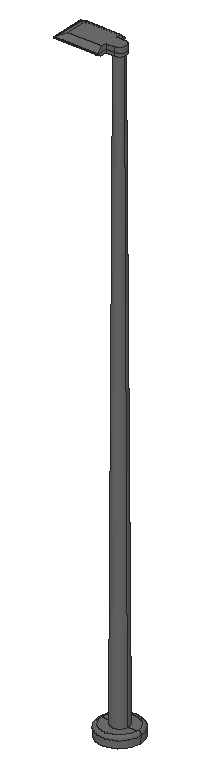
Revit family "99556_HOST_GND", category Lighting Fixtures, host Floor, Revit 2012
Parameters (values of type "Pole-Top Luminaires")
  Wattage = 37.1612 W
  built-in parameter 1150110 = 1 (stored number, unit not read)
  URL = "www.bega-us.com"
  built-in parameter 1114217 = 1 (stored number, unit not read)
  Tilt Angle = 90.00°
  built-in parameter 1150109 = 1 (stored number, unit not read)
  built-in parameter 1150134 = 12
  Telephone = "805.684.0533"
  built-in parameter 1150113 = 1 (stored number, unit not read)
  Photometric Web File = "99556.IES"
  Model = "99556"
  Manufacturer = "BEGA-US"
  built-in parameter 1150105 = 439.27 (stored number, unit not read)
  Lumens = 5520 lm
  built-in parameter 1150115 = 1 (stored number, unit not read)
  built-in parameter 1150137 = (empty or 0)
  built-in parameter 1150139 = (empty or 0)
  built-in parameter 1150112 = 1 (stored number, unit not read)
  built-in parameter 1150114 = 1 (stored number, unit not read)
  Lamp = "52W LED"
  built-in parameter 1150132 = 2
  built-in parameter 1150102 = (empty or 0)
  built-in parameter 1150107 = 4000 (stored number, unit not read)
  built-in parameter 1150138 = (empty or 0)
  built-in parameter 1150106 = 4.3927 (stored number, unit not read)
  built-in parameter 1150104 = 13.8 (stored number, unit not read)
  Dimming Lamp Color Temperature Shift = <None>
  Description = "LED pole-top luminaire"
  Color Filter = 16777215
  built-in parameter 1114218 = 1 (stored number, unit not read)
  built-in parameter 1150133 = 10 (stored number, unit not read)
Reference planes (in)
  plane 1 "Center (Front/Back)": y = 0
  plane 2: z = 0
  plane 3 "Center (Left/Right)": x = 0
Dimensions and locks (in)
  equal spacing: host sketch curve, plane 1 "Center (Front/Back)", host sketch curve
  equal spacing: host sketch curve, plane 3 "Center (Left/Right)", host sketch curve
  host sketch curve to host sketch curve = 10' - 0"  (x2)
  aligned and locked: level to plane 2
Nested families (in)
  nested 1: "9491LED" at (0, 0, 0), type "9491LED"
Connectors (in)
  electrical at (0, 0, 0)
    settings: on host floor, index 1, voltage 0 V, apparent load 0 VA, apparent load phase1 0 VA, apparent load phase2 0 VA, apparent load phase3 0 VA, power factor 1, load classification "Other", number of poles 1, system type 31, power factor state 1, is connector primary yes, connector utility no, sub classification motor no, connector description ""
Definition of nested family "9491LED"
  Reference planes (in)
    plane 1 "Center (Front/Back)": y = 0
    plane 2: z = 0
    plane 3 "Center (Left/Right)": x = 0
  Forms (in)
    Blend 1, solid, material "Default"
      base sketch origin (-2.5, 0, 180) x (1, 0, 0) y (0, 1, 0)
        loop
          line (0, 0) -> (0, 5) -> (-13, 5) -> (-13, -5) -> (0, -5) -> (0, 0)
      top sketch origin (-2.5, 0, 0) x (1, 0, 0) y (0, 1, 0)
        loop
          line (0, 3.5) -> (-9.875, 3.5) -> (-9.875, -3.5) -> (0, -3.5) -> (0, 3.5)
      from 0.875 to 182.375
    Extrusion 2, solid, material "Default"
      sketch origin (-2.5, 0, 180.875) x (1, 0, 0) y (0, 0, 1)
        loop
          line (-13, 0) -> (-13, -0.125) -> (0, -0.125) -> (0, 0) -> (-13, 0)
      from 5 to -5
    Extrusion 3, solid, material "Default"
      sketch origin (-2.5, 0, 180.75) x (1, 0, 0) y (0, 0, 1)
        loop
          line (-13, 0) -> (-13, -0.125) -> (0, -0.125) -> (0, 0) -> (-13, 0)
      from 5 to -5
    Blend 4, solid, material "Default"
      base sketch origin (-2.5, 0, 180.875) x (1, 0, 0) y (0, 1, 0)
        loop
          line (-13, 5) -> (-13, -5) -> (0, -5) -> (0, 5) -> (-13, 5)
      top sketch origin (-2.5, 0, 0) x (1, 0, 0) y (0, 1, 0)
        loop
          line (-12, 0) -> (-12, -4) -> (0, -4) -> (0, 4) -> (-12, 4) -> (-12, 0)
      from -0.25 to 180
    Blend 5, void
      base sketch origin (-2.5, 0, 181) x (1, 0, 0) y (0, 1, 0)
        loop
          line (-12.75, -4.875) -> (-0.125, -4.875) -> (-0.125, 4.875) -> (-12.75, 4.875) -> (-12.75, -4.875)
      top sketch origin (-2.5, 0, 0) x (1, 0, 0) y (0, 1, 0)
        loop
          line (-0.125, 3.375) -> (-9.75, 3.375) -> (-9.75, -3.375) -> (-0.125, -3.375) -> (-0.125, 3.375)
      from -0.125 to 182.25
    Extrusion 6, void
      sketch origin (-2.5, 0, 180.875) x (1, 0, 0) y (0, 1, 0)
        loop
          line (-12.75, 4.875) -> (-12.75, -4.875) -> (-0.125, -4.875) -> (-0.125, 4.875) -> (-12.75, 4.875)
      from 0 to -0.25
    Blend 7, void
      base sketch origin (-2.5, 0, 180) x (1, 0, 0) y (0, 1, 0)
        loop
          line (-12.75, -4.875) -> (-0.125, -4.875) -> (-0.125, 4.875) -> (-12.75, 4.875) -> (-12.75, -4.875)
      top sketch origin (-2.5, 0, 0) x (1, 0, 0) y (0, 1, 0)
        loop
          line (-12, 4) -> (-12, -4) -> (-0.125, -4) -> (-0.125, 4) -> (-12, 4)
      from 0.625 to 180.18714
    Extrusion 8, solid, material "Default"
      sketch origin (-2.5, 0, 181) x (1, 0, 0) y (0, 1, 0)
        loop
          line (0, 1.875) -> (0, -1.875) -> (2.5, -1.875)
          arc (2.5, -1.875) -> (4.375, 0) -> (2.5, 1.875) r 1.875
          line (2.5, 1.875) -> (0, 1.875)
      from -0.125 to 1.375
    Extrusion 9, solid, material "Default"
      sketch origin (-2.5, 0, 179.5) x (1, 0, 0) y (0, 1, 0)
        loop
          line (0, 1.875) -> (0, -1.875) -> (2.5, -1.875)
          arc (2.5, -1.875) -> (4.375, 0) -> (2.5, 1.875) r 1.875
          line (2.5, 1.875) -> (0, 1.875)
      from 0.5 to 1.375
    Extrusion 10, solid, material "Polished Aluminum"
      sketch origin (-2.5, 0, 181) x (0, 1, 0) y (0, 0, 1)
        loop
          arc (3.4933, -0.87571) -> (4.12396, -0.67805) -> (4.62753, -0.25) r 1.66013
          line (4.62753, -0.25) -> (3.6986, 0.58641)
          arc (3.6986, 0.58641) -> (1.83506, 0.76113) -> (0, 0.39258) r 6.43962
          arc (0, 0.39258) -> (-1.83506, 0.76113) -> (-3.6986, 0.58641) r 6.43962
          line (-3.6986, 0.58641) -> (-4.62753, -0.25)
          arc (-4.62753, -0.25) -> (-4.12396, -0.67805) -> (-3.4933, -0.87571) r 1.66013
          line (-3.4933, -0.87571) -> (-3.4933, -0.81286)
          arc (-3.4933, -0.81286) -> (-4.07095, -0.63567) -> (-4.54149, -0.25663) r 1.59763
          line (-4.54149, -0.25663) -> (-3.66851, 0.5294)
          arc (-3.66851, 0.5294) -> (-1.8193, 0.69769) -> (0, 0.32615) r 6.37712
          arc (0, 0.32615) -> (1.8193, 0.69769) -> (3.66851, 0.5294) r 6.37712
          line (3.66851, 0.5294) -> (4.54149, -0.25663)
          arc (4.54149, -0.25663) -> (4.07095, -0.63567) -> (3.4933, -0.81286) r 1.59763
          line (3.4933, -0.81286) -> (3.4933, -0.87571)
      from -10.65214 to -4.67761
    Blend 11, solid, material "Default"
      base sketch origin (0, 0, 181) x (1, 0, 0) y (0, 1, 0)
        loop
          circle (0, 0) r 2.5
      top sketch origin (0, 0, 0) x (1, 0, 0) y (0, 1, 0)
        loop
          circle (0, 0) r 1.5
      from -178 to 180
    Revolve 12, solid, material "Default"
      sketch origin (0, 0, 181) x (1, 0, 0) y (0, 0, 1)
        loop
          line (6.3125, -181) -> (6.3125, -179)
          arc (6.3125, -179) -> (6.01961, -178.29289) -> (5.3125, -178) r 1
          line (5.3125, -178) -> (0, -178) -> (0, -178.25) -> (5.3125, -178.25)
          arc (5.3125, -178.25) -> (5.84283, -178.46967) -> (6.0625, -179) r 0.75
          line (6.0625, -179) -> (6.0625, -180) -> (0, -180) -> (0, -181) -> (6.3125, -181)
        axis (0, -178) -> (0, -181)
      angle from 0 to 360
    Extrusion 13, void
      sketch origin (0, 0, 0) x (1, 0, 0) y (0, 0, 1)
        loop
          line (-7.5, 180) -> (-7.5, 180.18714) -> (-13, 180.18714) -> (-13, 180) -> (-7.5, 180)
      from -3.5 to 3.5
    Extrusion 14, solid, material "Glass"
      sketch origin (0, 0, 0) x (1, 0, 0) y (0, 0, 1)
        loop
          line (-13, 180) -> (-7.5, 180) -> (-7.5, 180.18714) -> (-13, 180.18714) -> (-13, 180)
      from -3.5 to 3.5
  Cuts and joins
    Blend 5, Blend 7 cuts Blend 1
    Extrusion 6, Blend 7 cuts Extrusion 2
    joined: Blend 1, Extrusion 2, Extrusion 8
    Extrusion 6, Blend 7, Extrusion 13 cuts Extrusion 3
    Extrusion 6, Blend 7, Extrusion 13 cuts Blend 4
    Blend 7, Extrusion 13 cuts Extrusion 9
    joined: Extrusion 3, Blend 4, Extrusion 9
  Dimensions and locks (in)
    aligned and locked: plane 2 to level
